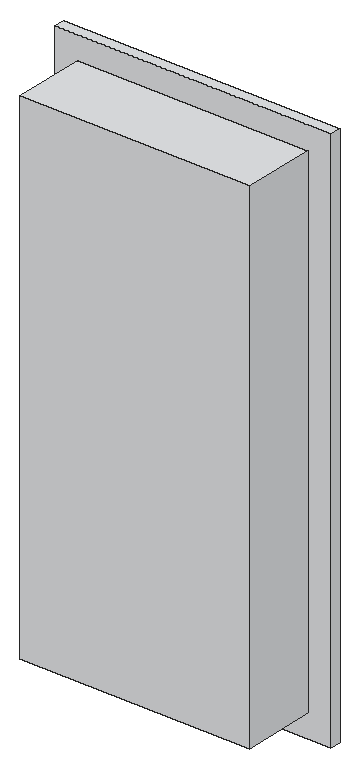
Revit family "2 In 1 12 L Stainless Steel Recessed Panel With Waste Receptacle_IN", category Generic Models, host Wall, Revit 2017
Family settings
  Host = Wall
  Can host rebar = No
  Round Connector Dimension = Use Diameter
  Part Type = Normal
  Always vertical = Yes
  Cut with Voids When Loaded = No
  Shared = No
  Room Calculation Point = No
Parameters (values of type "Type 1")
  Website = "https://dolphy.in/"  # constant formula
  Contact number = "+91 9520202035"  # constant formula
  Contact email = "info@dolphy.in"  # constant formula
  Company name = "Dolphy India"  # constant formula
Reference planes
  plane 1 "Wall": y = 0
  plane 2 "Center (Left/Right)": x = 125
  plane 3 "Back": y = 75
Forms (mm)
  Extrusion 1, void
    sketch origin (0, 0, 0) x (1, 0, 0) y (0, 0, 1)
      loop
        line (275, 689.5) -> (-25, 689.5) -> (-25, 30.5) -> (275, 30.5) -> (275, 689.5)
    from -75 to 20
Text (mm)
  text "Placement Side" at (-1848.837, 1116.779, 0), in view "Ref. Level"
  text "Placement side" at (0, 1409.804, 2854.306), in view "Left"
  text "Placement side" at (0, 499.811, 2980.732), in view "Right"
Dimensions and locks
  locked: plane 3 "Back" to host wall
  aligned and locked: plane 1 "Wall" to host wall
  aligned and locked: nested 1 to plane 2 "Center (Left/Right)"
  aligned and locked: nested 1 to plane 3 "Back"
  aligned and locked: host wall to Extrusion 1
  aligned and locked: Extrusion 1 to nested 1  (x5)
Nested families
  nested 1: "2 In 1 12 L Stainless Steel Recessed Panel With Waste Receptacle_IN" at (125, 75, 0) x (-1, 0, 0) z (0, 0, 1), type "2 In 1 12 L Stainless Steel Recessed Panel With Waste Receptacle_IN"
Definition of nested family "2 In 1 12 L Stainless Steel Recessed Panel With Waste Receptacle_IN"
  Parameters (values of type "2 In 1 12 L Stainless Steel Recessed Panel With Waste Receptacle_IN")
    Website = "https://dolphy.in/"  # constant formula
    M&L = none
    Contact number = "+91 9520202035"  # constant formula
    Contact email = "info@dolphy.in"  # constant formula
    Company name = "Dolphy India"  # constant formula
  Reference planes
    plane 1 "Center (Front/Back)": y = 0
    plane 2: z = 0
    plane 3 "Center (Left/Right)": x = 0
  Forms (mm)
    Extrusion 1, solid, material <- "M&L"
      sketch origin (0, 0, 0) x (1, 0, 0) y (0, 1, 0)
        loop
          line (0, -11.092) -> (-180.5, -11.092) -> (-180.5, -14) -> (0, -14) -> (180.5, -14) -> (180.5, -11.092) -> (0, -11.092)
      from 0 to 720
    Extrusion 2, solid, material <- "M&L"
      sketch origin (-0.125, -11.092, 0) x (-1, 0, 0) y (0, 0, 1)
        loop
          line (149.875, 689.5) -> (-150.125, 689.5) -> (-150.125, 30.5) -> (149.875, 30.5) -> (149.875, 689.5)
        loop
          line (147.875, 687.5) -> (-148.125, 687.5) -> (-148.125, 32.5) -> (147.875, 32.5) -> (147.875, 687.5)
      from 11.092 to 106.092
    Extrusion 3, void
      sketch origin (180.5, -14, 0) x (1, 0, 0) y (0, 0, -1)
        loop
          arc (-311, -443.065) -> (-180.478, -454.253) -> (-50, -442.56) r 750
          line (-50, -442.56) -> (-50, -272.5)
          arc (-50, -272.5) -> (-180.5, -261.059) -> (-311, -272.5) r 750
          line (-311, -272.5) -> (-311, -443.065)
      from 0 to 23.562
    Extrusion 4, solid, material <- "M&L"
      sketch origin (-0.125, 95, 0) x (-1, 0, 0) y (0, 0, 1)
        loop
          line (-148.125, 687.5) -> (-148.125, 32.5) -> (147.875, 32.5) -> (147.875, 687.5) -> (-148.125, 687.5)
      from 0 to -5
    Extrusion 5, solid, material <- "M&L"
      sketch origin (0.125, -11.092, 0) x (1, 0, 0) y (0, 0, -1)
        loop
          line (-180.625, -720) -> (180.375, -720) -> (180.375, 0) -> (-180.625, 0) -> (-180.625, -720)
        loop
          line (149.875, -689.5) -> (149.875, -30.5) -> (-150.125, -30.5) -> (-150.125, -689.5) -> (149.875, -689.5)
      from 0 to 11.092
    Sweep 6, solid, material <- "M&L"
      path in 3D
        loop
          line (-130.5, -11.092, 443.065) -> (130.725, -11.092, 443.065)
      profile origin (0.113, -11.092, 443.065) x (0, 0, -1) y (0, 1, 0)
        loop
          line (-11.188, 0) -> (-2.356, 0) -> (2.399, 1.545) -> (2.14, 2.342) -> (-2.607, 0.8) -> (-11.188, 0.8) -> (-11.188, 0)
    Extrusion 7, void
      sketch origin (-130.5, -11.092, 445.421) x (-1, 0, 0) y (0, 0, 1)
        loop
          arc (-121.467, 10.029) -> (-130.47, 10.603) -> (-139.469, 9.969) r 67.347
          line (-139.469, 9.969) -> (-139.469, -5.881) -> (-121.467, -5.881) -> (-121.467, 10.029)
      from 0 to 3.685
    Extrusion 8, solid, material <- "M&L"
      sketch origin (-180.5, -14, 0) x (1, 0, 0) y (0, 0, 1)
        loop
          circle (50, 555.016) r 8
        loop
          line (44.93, 555.812) -> (44.93, 554.503) -> (54.93, 554.503) -> (54.93, 555.812) -> (44.93, 555.812)
      from 0 to 2.5
  Cuts and joins
    Extrusion 7 cuts Extrusion 4
    joined: Extrusion 2, Extrusion 4
    Extrusion 3 cuts Extrusion 1
    Extrusion 7 cuts Sweep 6
    joined: Extrusion 1, Extrusion 5, Sweep 6, Extrusion 8
  Lines and regions (mm)
    reference lines
      curve 1: line (-130.5, -11.092, 443.065) -> (130.725, -11.092, 443.065)
    sketch lines
      curve 2: line (-130.5, -11.092, 443.065) -> (130.725, -11.092, 443.065)
  Dimensions and locks
    Extrusion 1 to Extrusion 3 sketch curve = 50 mm  (x2)
    Extrusion 2 to Extrusion 5 = 95 mm
    Extrusion 5 to Extrusion 5 = 361 mm
    Extrusion 2 to Extrusion 2 = 659 mm
    Extrusion 5 to Extrusion 5 = 720 mm
    Extrusion 5 to Extrusion 2 = 95 mm
    aligned and locked: level to plane 2
